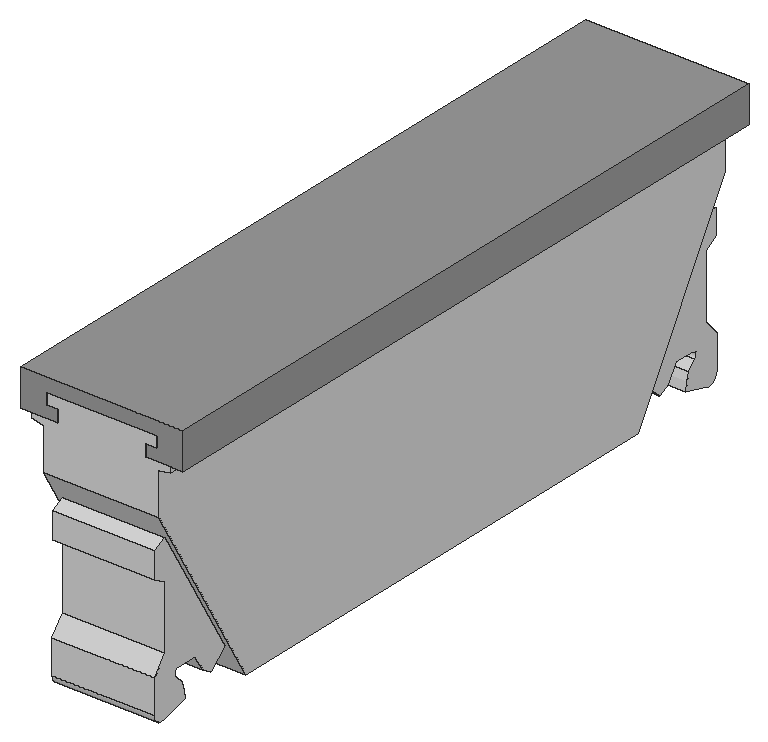
Revit family "CC4_TRANSVERSAL CC TE 0.375 ALU_1870407", category Generic Models, Revit 2018
Family settings
  Can host rebar = No
  Round Connector Dimension = Use Diameter
  Part Type = Normal
  OmniClass Number = 35.51.14.00
  OmniClass Title = FORMWORK
  Work Plane-Based = Yes
  Always vertical = No
  Cut with Voids When Loaded = No
  Shared = Yes
  Room Calculation Point = No
Parameters
  VERSION = "20190101"  # constant formula
  URL = "www.ulmaconstruction.com/en"
  UNICLASS = ""
  ITEM_CODE = "1870407"
  Manufacturer = "ULMA CONSTRUCTION"  # constant formula
  FILTER [instance] = ""
  Default Elevation = 0.000 mm
  CLASSIFICATION_TITLE = ""
  CLASSIFICATION_NUMBER = ""
Reference planes
  plane 1 "Centro (Frontal/Posterior)": y = 0
  plane 2: z = 0
  plane 3 "Centro (Izquierda/Derecha)": x = 0
  plane 4 "ITEM_LENGTH": y = 375
Forms (mm)
  Extrusion 1, solid, material "ULMA ZINC", detail levels fine
    sketch origin (0, 0, 0) x (1, 0, 0) y (0, 0, 1)
      loop
        line (-23.75, -6) -> (-23.75, -10.7) -> (-19, -10.7) -> (-19, -16) -> (-30, -16) -> (-30, -18) -> (-24.75, -19.105) -> (-24.75, -118.4) -> (-7.05, -118.4) -> (-7.05, -115.9) -> (-9.9, -115.9) -> (-9.9, -102.9) -> (9.9, -102.9) -> (9.9, -115.9) -> (7.05, -115.9) -> (7.05, -118.4) -> (24.75, -118.4) -> (24.75, -19.105) -> (30, -18) -> (30, -16) -> (19, -16) -> (19, -10.7) -> (23.75, -10.7) -> (23.75, -6) -> (-23.75, -6)
    from -340 to -35
  Extrusion 2, solid, material "ULMA POLYPROPYLENE BLACK", detail levels fine
    sketch origin (0, 0, 0) x (1, 0, 0) y (0, 0, 1)
      loop
        line (-19, -16) -> (-19, -10.7) -> (-23.75, -10.7) -> (-23.75, -6) -> (23.75, -6) -> (23.75, -10.7) -> (19, -10.7) -> (19, -16) -> (35, -16) -> (35, 0) -> (-35, 0) -> (-35, -16) -> (-19, -16)
    from -340 to -35
  Extrusion 3, void
    sketch origin (0, 0, 0) x (0, 1, 0) y (0, 0, 1)
      loop
        line (35, -37.4) -> (30, -37.4) -> (30, -123.4) -> (81.765, -123.4) -> (81.765, -118.4) -> (35, -37.4)
    from -35 to 35
  Extrusion 4, void
    sketch origin (0, 0, 0) x (0, 1, 0) y (0, 0, 1)
      loop
        line (293.235, -118.4) -> (293.235, -120.4) -> (342, -120.4) -> (342, -37.4) -> (340, -37.4) -> (293.235, -118.4)
    from -35 to 35
  Extrusion 5, solid, material "ULMA ZINC", detail levels fine
    sketch origin (0, 0, 0) x (0, 1, 0) y (0, 0, 1)
      loop
        line (41.548, -48.741) -> (36.25, -51.8) -> (36.25, -62.8) -> (41.75, -65.975) -> (41.75, -93.569) -> (36, -100.421) -> (36, -115.208)
        arc (36, -115.208) -> (37.565, -118.382) -> (41.035, -119.072) r 4
        line (41.035, -119.072) -> (52.5, -116)
        arc (52.5, -116) -> (52.078, -112.318) -> (50.91, -108.8) r 18
        line (50.91, -108.8) -> (47.525, -105.414)
        arc (47.525, -105.414) -> (47.091, -103.235) -> (48.939, -102) r 2
        line (48.939, -102) -> (58, -102) -> (61.984, -108.9) -> (66.314, -111.4) -> (74.013, -104.973) -> (41.548, -48.741)
    from -22 to 22
  Extrusion 6, solid, material "ULMA ZINC", detail levels fine
    sketch origin (0, 0, 0) x (0, 1, 0) y (0, 0, 1)
      loop
        line (333.452, -48.741) -> (300.987, -104.973) -> (308.686, -111.4) -> (313.016, -108.9) -> (317, -102) -> (326.061, -102)
        arc (326.061, -102) -> (327.909, -103.235) -> (327.475, -105.414) r 2
        line (327.475, -105.414) -> (324.09, -108.8)
        arc (324.09, -108.8) -> (322.922, -112.318) -> (322.5, -116) r 18
        line (322.5, -116) -> (333.965, -119.072)
        arc (333.965, -119.072) -> (337.435, -118.382) -> (339, -115.208) r 4
        line (339, -115.208) -> (339, -100.421) -> (333.25, -93.569) -> (333.25, -65.975) -> (338.75, -62.8) -> (338.75, -51.8) -> (333.452, -48.741)
    from -22 to 22
  Extrusion 7, solid, material "ULMA POLYPROPYLENE BLACK", detail levels medium
    sketch origin (0, 0, 0) x (1, 0, 0) y (0, 0, 1)
      loop
        line (-35, 0) -> (-35, -118.4) -> (35, -118.4) -> (35, 0) -> (-35, 0)
    from -340 to -35
Cuts and joins
  Extrusion 3, Extrusion 4 cuts Extrusion 1
  Extrusion 3, Extrusion 4 cuts Extrusion 7
Lines and regions (mm)
  model lines, style "ULMA TRANSVERSAL CC TE", detail levels coarse
    curve 1: line (-35, 250, 0) -> (-35, 125, 0)
    curve 2: line (35, 250, 0) -> (35, 125, 0)
Dimensions and locks
  plane 1 "Centro (Frontal/Posterior)" to plane 4 "ITEM_LENGTH" = 375.000 mm
  locked: plane 4 "ITEM_LENGTH" to plane 1 "Centro (Frontal/Posterior)" at 375
  aligned and locked: level to plane 2
